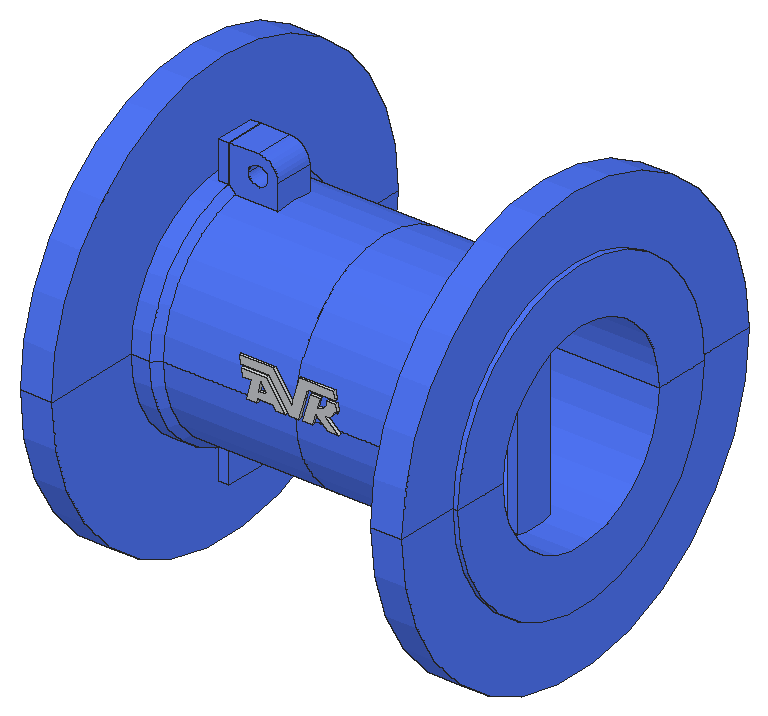
Revit family "712-4220-001-DN80-150", category Pipe Accessories, Revit 2019
Family settings
  Round Connector Dimension = Use Diameter
  Part Type = Valve - Breaks Into
  Work Plane-Based = No
  Always vertical = Yes
  Cut with Voids When Loaded = No
  Shared = No
Parameters (values of type "DN100_PN10/16")
  Search_Table = "712-4220-001-DN80-150"
  Rf_Dia = size_lookup(Search_Table, "Rf_Dia", 0 mm, [Nominal Diameter (DN)]) / 2  # 78 mm
  RF_Thick = 3 mm  # constant formula
  L = 200 mm  # constant formula
  ID(Radius) = [Nominal Diameter (DN)] / 2  # 50 mm
  Flange_thickness = size_lookup(Search_Table, "Flange_thickness", 0 mm, [Nominal Diameter (DN)])  # 19 mm
  Nominal Diameter (DN) = 100 mm
  FOD = size_lookup(Search_Table, "FOD", 0 mm, [Nominal Diameter (DN)]) / 2  # 110 mm
  URL product pages = "https://www.avkvalves.com/P.aspx?no=712008042201"
  Description_ = "AVK FLANGED PIPE W/LOOSE FLANGES"
  DN150_PN10/16 = "712-0150-42-201"
  DN100_PN10/16 = "712-0100-42-201"
  DN080_PN10/16 = "712-0080-42-201"
  Body_wallthickness = 10 mm  # constant formula
Types (4, lengths in mm): name | Rf_Dia | ID(Radius) | Flange_thickness | Nominal Diameter (DN) | FOD
  (no name) | 78 | 50 | 19 | 100 | 110
  DN080_PN10/16 | 66 | 40 | 19 | 80 | 100
  DN100_PN10/16 | 78 | 50 | 19 | 100 | 110
  DN150_PN10/16 | 105.5 | 75 | 20 | 150 | 142.5
Reference planes
  plane 1 "Center (Front/Back)": y = 0
  plane 2: z = 0
  plane 3 "Center (Left/Right)": x = 0
  plane 4: y = 50
  plane 5: x = -100
  plane 6: x = -81
  plane 7: x = 81
  plane 8: x = 100
  plane 9: y = 60
  plane 10: y = 110
Forms (mm)
  Revolve 1, solid, material "Plastic"
    sketch origin (0, 0, 0) x (1, 0, 0) y (0, 1, 0)
      loop
        line (-81, 110) -> (-100, 110) -> (-100, 50) -> (100, 50) -> (100, 110) -> (81, 110) -> (81, 60) -> (71, 60) -> (67.464, 56.464) -> (0, 56.464) -> (-67.464, 56.464) -> (-71, 60) -> (-81, 60) -> (-81, 110)
      axis (-100, 0) -> (100, 0)
    angle from 0 to 360
  Revolve 2, void
    sketch origin (0, 0, 0) x (1, 0, 0) y (0, 1, 0)
      loop
        line (100, 110) -> (97, 110) -> (97, 78) -> (100, 78) -> (100, 110)
      loop
        line (-100, 110) -> (-100, 78) -> (-97, 78) -> (-97, 110) -> (-100, 110)
      axis (-100, 0) -> (100, 0)
    angle from 0 to 360
  Extrusion 3, solid, material "Plastic"
    sketch origin (0, 0, 0) x (1, 0, 0) y (0, 1, 0)
      loop
        line (-71, 10) -> (-76, 10) -> (-76, -10) -> (-71, -10) -> (-71, 10)
      loop
        line (76, 10) -> (71, 10) -> (71, -10) -> (76, -10) -> (76, 10)
    from -78 to 78
  Extrusion 4, solid, material "Plastic"
    sketch origin (0, 0, 0) x (1, 0, 0) y (0, 0, 1)
      loop
        line (-71, 78) -> (-71, 0) -> (-46, 0) -> (-46, 68)
        arc (-46, 68) -> (-48.929, 75.071) -> (-56, 78) r 10
        line (-56, 78) -> (-71, 78)
      loop
        circle (-56, 68) r 5
    from -10 to 10
Cuts and joins
  Revolve 2 cuts Revolve 1
Dimensions and locks
  "Flange_thickness": plane 7 to plane 8
  equal spacing: plane 5, plane 3 "Center (Left/Right)", plane 8
  "L": plane 5 to plane 8
  "ID(Radius)": plane 1 "Center (Front/Back)" to plane 4
  "Flange_thickness": plane 5 to plane 6
  "Body_wallthickness": plane 9 to plane 4
  "FOD": plane 1 "Center (Front/Back)" to plane 10
  "RF_Thick": Revolve 2 sketch curve to Revolve 2 sketch curve
  "Rf_Dia": plane 1 "Center (Front/Back)" to Revolve 2 sketch curve
  "FOD": plane 1 "Center (Front/Back)" to Revolve 2 sketch curve
  "RF_Thick": Revolve 1 to Revolve 2 sketch curve
  equal spacing: Extrusion 3 sketch curve, plane 1 "Center (Front/Back)", Extrusion 3 sketch curve  (x2)
  locked: Extrusion 3 sketch curve to Extrusion 3 sketch curve at 5  (x2)
  "Rf_Dia": Extrusion 3 to level
  "Rf_Dia": level to Extrusion 3
  locked: Extrusion 4 sketch curve to Extrusion 3 at 25
  diameter of Extrusion 4 sketch curve = 10 mm
  aligned and locked: level to plane 2
  aligned and locked: plane 5 to Revolve 1 sketch curve
  aligned and locked: plane 6 to Revolve 1 sketch curve
  aligned and locked: plane 7 to Revolve 1 sketch curve
  aligned and locked: plane 8 to Revolve 1 sketch curve
  aligned and locked: plane 10 to Revolve 1 sketch curve  (x2)
  aligned and locked: Revolve 1 sketch curve to plane 10
  aligned and locked: plane 1 "Center (Front/Back)" to Revolve 1 sketch curve
  aligned and locked: Revolve 2 sketch curve to Revolve 1  (x2)
  aligned and locked: Revolve 2 sketch curve to Revolve 2 sketch curve  (x2)
  aligned and locked: plane 1 "Center (Front/Back)" to Revolve 2 sketch curve
  aligned and locked: Revolve 1 sketch curve to plane 9  (x2)
  aligned and locked: cut or joined group of Revolve 1, Revolve 2 to Extrusion 3 sketch curve  (x2)
  aligned and locked: Extrusion 3 to Extrusion 4 sketch curve
  aligned and locked: level to Extrusion 4 sketch curve
  aligned and locked: Extrusion 4 sketch curve to Extrusion 3
  aligned and locked: Extrusion 4 to Extrusion 3
  aligned and locked: Extrusion 3 to Extrusion 4
Automatic sketch dimensions
  plane 1 "Center (Front/Back)" to Extrusion 3 sketch curve = 10 mm  (x2)
  Extrusion 4 sketch curve to Extrusion 4 sketch curve = 0 mm  (x2)
  Extrusion 4 sketch curve to Extrusion 4 sketch curve = 15 mm
  Revolve 1 sketch curve to plane 3 "Center (Left/Right)" = 0 mm
  Revolve 1 sketch curve to plane 4 = 0 mm
  Revolve 1 sketch curve to Revolve 1 sketch curve = 10 mm
  Revolve 1 sketch curve to Revolve 1 sketch curve = 3.536 mm  (x2)
  Revolve 1 sketch curve to plane 9 = 3.536 mm
  Revolve 1 sketch curve to plane 7 = 13.536 mm
  plane 6 to Revolve 1 sketch curve = 11 mm
  plane 3 "Center (Left/Right)" to Revolve 1 sketch curve = 15 mm
  Revolve 2 sketch curve to plane 3 "Center (Left/Right)" = 7 mm
  plane 3 "Center (Left/Right)" to Revolve 2 sketch curve = 18 mm
Nested families
  nested 1: "LOGO - Copy - Copy - Copy - Copy.0002" at (1, -55.258, -11.609) x (1, 0, 0) z (0, -0.9786, -0.2056), type "LOGO - Copy - Copy - Copy - Copy.0002"
Connectors
  piping at (100, 0, 0), diameter 100, driven by "Nominal Diameter (DN)"
    settings: on Revolve 1, index 1, connector inside diameter 609.6 mm, connector length 0 mm, flow factor 0, pipe flow 0.0 L/s, pressure drop 0.0 Pa, fitting loss kfactor 0, connector angle 0.00°, fixture units 0, engagement length 0 mm, angle of deflection 0.00°, flow configuration 0, flow direction 0, fitting loss method 0, system type 7, joint type 0, gender type 0, connector reference index -1, connector utility 0, adjustable connector no, is connector primary yes, connector description ""
  piping at (-100, 0, 0), diameter 100, driven by "Nominal Diameter (DN)"
    settings: on Revolve 1, index 2, connector inside diameter 609.6 mm, connector length 0 mm, flow factor 0, pipe flow 0.0 L/s, pressure drop 0.0 Pa, fitting loss kfactor 0, connector angle 0.00°, fixture units 0, engagement length 0 mm, angle of deflection 0.00°, flow configuration 0, flow direction 0, fitting loss method 0, system type 7, joint type 0, gender type 0, connector reference index -1, connector utility 0, adjustable connector no, is connector primary no, connector description ""
Definition of nested family "LOGO - Copy - Copy - Copy - Copy.0002"
  Parameters (values of type "LOGO - Copy - Copy - Copy - Copy.0002")
    Default Elevation = 1219.2 mm
  Reference planes
    plane 1 "Center (Front/Back)": y = 0
    plane 2: z = 0
    plane 3 "Center (Left/Right)": x = 0
  Forms (mm)
    Extrusion 1, solid
      sketch origin (0, 0, 0) x (1, 0, 0) y (0, 1, 0)
        loop
          line (-1219.2, 1219.2) -> (-1219.2, -1219.2) -> (1219.2, -1219.2) -> (1219.2, 1219.2) -> (-1219.2, 1219.2)
      from 0 to -304.8
    Extrusion 2, solid
      sketch origin (0, 0, 0) x (1, 0, 0) y (0, 1, 0)
        loop
          line (-6.514, 34.224) -> (-24, 34.224) -> (-24, 29.481) -> (-9.766, 29.481) -> (-2.391, 11.367) -> (2.391, 11.367) -> (9.766, 29.481) -> (24, 29.481) -> (24, 34.224) -> (6.514, 34.224) -> (0, 18.224) -> (-6.514, 34.224)
        loop
          line (-10.996, 27.653) -> (-24, 27.653) -> (-24, 23.081) -> (-19.503, 23.081) -> (-24, 11.367) -> (-18.92, 11.367) -> (-17.955, 13.881) -> (-10.51, 13.881) -> (-9.486, 11.367) -> (-4.365, 11.367) -> (-10.996, 27.653)
        loop
          line (-16.777, 18.224) -> (-12.278, 18.224) -> (-14.594, 23.912) -> (-16.777, 18.224)
        loop
          line (4.365, 11.367) -> (9.486, 11.367) -> (12.093, 17.77) -> (16.918, 11.367) -> (22.857, 11.367) -> (17.399, 18.61)
          arc (17.399, 18.61) -> (20.583, 20.18) -> (22.629, 23.081) r 7.2
          line (22.629, 23.081) -> (24, 23.081) -> (24, 27.653) -> (19.429, 27.653)
          arc (19.429, 27.653) -> (17.763, 23.526) -> (13.699, 21.714) r 5.943
          line (13.699, 21.714) -> (16.117, 27.653) -> (10.996, 27.653) -> (4.365, 11.367)
      from 0 to 1
  Dimensions and locks
    aligned and locked: plane 2 to Extrusion 1
    aligned and locked: level to Extrusion 1
    aligned and locked: Extrusion 2 sketch curve to import instance
